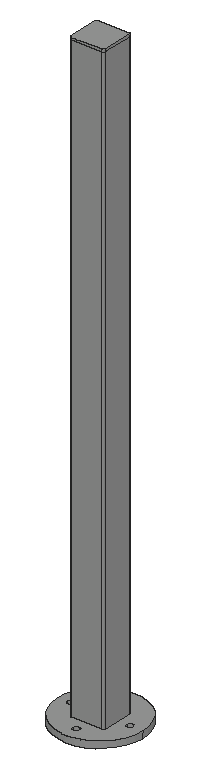
Revit family "PLAYSAFE_COMPOSITE_PLANK_SEMI-PRIVATE_PANEL_POST", category Specialty Equipment, Revit 2026
Family settings
  Round Connector Dimension = Use Diameter
  Part Type = Normal
  Classification Number = 23.55.00.00
  Work Plane-Based = No
  Enable Cutting in Views = No
  Always vertical = No
  Cut with Voids When Loaded = No
  Maintain Annotation Orientation = No
  Shared = No
  Room Calculation Point = No
Parameters (values of type "Assembly")
  Warranty URL = "https://palmshieldlouvers.com/wp-content/uploads/2020/01/PalmSHIELD-Warranty-NO-SIGN-LINE.pdf"
  Version = "2020 - v1.0a"  # constant formula
  URL = "https://palmshieldlouvers.com/"
  Product Page URL = "https://palmshieldlouvers.com/products/playsafe-semi-private/"
  Product Documentation Link = "https://palmshieldlouvers.com/wp-content/uploads/2022/05/PalmSHIELD-PlaySAFE-Semi-Private-Aluminum-Architectural-Screening-Specifications.doc"
  Model = "Playsafe Semi Private - Aluminum"  # constant formula
  Material = Metal - PalmSHIELD - Dusty Grey
  Manufacturer Phone Number = "531-329-4406 "  # constant formula
  Manufacturer Email = "mailto: info@palmshieldlouvers.com"
  Manufacturer Address = "12330 Cary Circle, La Vista, NE 68128"  # constant formula
  Manufacturer = "PalmSHIELD"  # constant formula
  Keynote = "05 10 00"
  Instruction Sheet Link = "https://palmshieldlouvers.com/wp-content/uploads/2020/01/PalmSHIELD-Post-Panel-Gate-Installation-Instructions-REV-1.pdf"
  ID [instance] = "Not Assigned"
  Height [instance] = if(Desired Overall Height < C Min Height, C Min Height, if(Desired Overall Height > C Max Height, C Max Height, Desired Overall Height))  # 6' - 0"
  Desired Overall Height [instance] = 6' - 0"
  Description = "Playsafe Semi Private - Aluminum - Square Post"  # constant formula
  Default Elevation = 0' - 0"
  Copyright = "Copyright ©2024 The American Fence Company and PalmSHIELD. All Rights Reserved."  # constant formula
  Component Vis [instance] = yes
  Component Name [instance] = "Playsafe Semi Private - Aluminum - Square Post"  # constant formula
  C Post Width = 0' - 4"  # constant formula
  C Min Height [instance] = 3' - 4"  # constant formula
  C Max Height [instance] = 12' - 0"  # constant formula
  Assembly Code = "F1020100"
Reference planes (in)
  plane 1 "Center (Front/Back)": y = 0
  plane 2: z = 0
  plane 3 "Center (Left/Right)": x = 0
  plane 4: z = 72
  plane 5: y = 2
  plane 6: y = -2
  plane 7: x = 2
  plane 8: x = -2
Lines and regions (in)
  reference lines
    curve 1: line (-24.29961, 0, 72) -> (24.70039, 0, 72)
Dimensions and locks (in)
  "Desired Overall Height": curve 1 to plane 2
  "Height": plane 4 to plane 2
  equal spacing: plane 8, plane 3 "Center (Left/Right)", plane 7
  equal spacing: plane 5, plane 1 "Center (Front/Back)", plane 6
  "C Post Width": plane 5 to plane 6
  "C Post Width": plane 8 to plane 7
  aligned and locked: plane 2 to level
Automatic sketch dimensions
  curve 1 to plane 8 = 1' - 10.29961"
  curve 1 to plane 7 = 1' - 10.70039"
Nested families (in)
  nested 1: "Screening-Louver-Assembly-Post-Palmshield-Playsafe-Semi_Private-Aluminum" at (0, 0, 0), Desired Overall Height <- "Desired Overall Height", ID <- "ID", Component Vis <- "Component Vis", type "Assembly"
    with Overall Height 6' - 0", ID "Not Assigned", Desired Overall Height 6' - 0", Component Vis yes, Component Name "Playsafe Semi Private - Post Assembly"
  nested 2: "Nested_Component-Round_Base_Plate-Aluminum-Palmshield-Playsafe-Semi_Private" at (0, 0, 0), type "10" x 3/4""
    with Material Metal - PalmSHIELD - Dusty Grey, ID "Not Assigned", Component Name "Playsafe Semi Private - Aluminum - Round Base Plate"
  nested 3: "Nested_Component-Square_Post-Aluminum-Palmshield-Playsafe-Semi_Private" at (0, 0, 0.75) x (0, -1, 0) z (0, 0, 1), type "4" X 4" X 1/4" SQ. TUBE"
    with Material Metal - PalmSHIELD - Dusty Grey, Length 5' - 11", ID "Not Assigned", Component Name "Playsafe Semi Private - Aluminum - Square Post"
  nested 4: "Nested_Component-Top_Cap-Aluminum-Palmshield-Playsafe-Semi_Private" at (0, 0, 71.75) x (0, -1, 0) z (0, 0, 1), type "4" x 4" x 1/8""
    with Material Metal - PalmSHIELD - Dusty Grey, ID "Not Assigned", Component Name "Playsafe Semi Private - Aluminum - Square Top Cap"
Definition of nested family "Nested_Component-Round_Base_Plate-Aluminum-Palmshield-Playsafe-Semi_Private"
  Parameters (values of type "10" x 3/4"")
    Width = if(Constraints = 1, 0' 10", 1' 2")  # 0' - 10"
    Warranty URL = "https://palmshieldlouvers.com/wp-content/uploads/2020/01/PalmSHIELD-Warranty-NO-SIGN-LINE.pdf"
    Version = "2020 - v1.0a"  # constant formula
    URL = "https://palmshieldlouvers.com/"
    Thickness = 0' - 0 3/4"  # constant formula
    Product Page URL = "https://palmshieldlouvers.com/products/playsafe-semi-private/"
    Product Documentation Link = "Contact Manufacturer for More Information"
    Model = "LED Backlit Laser Cut"  # constant formula
    Material [instance] = none
    Manufacturer Phone Number = "531-329-4406 "  # constant formula
    Manufacturer Fax Number = "Consult Manufacturer Website for More Information"  # constant formula
    Manufacturer Email = "mailto: info@palmshieldlouvers.com"
    Manufacturer Address = "12330 Cary Circle, La Vista, NE 68128"  # constant formula
    Manufacturer = "PalmSHIELD"  # constant formula
    Keynote = "05 10 00"
    Instruction Sheet Link = "https://palmshieldlouvers.com/wp-content/uploads/2020/01/PalmSHIELD-Post-Panel-Gate-Installation-Instructions-REV-1.pdf"
    ID [instance] = ""
    Hole Diameter = 0' - 0 3/4"  # constant formula
    Height = 0' - 10"  # constant formula
    Description = "Playsafe Semi Private - Round Base Plate"  # constant formula
    Default Elevation = 4' - 0"
    Copyright = "Copyright ©2024 The American Fence Company and PalmSHIELD. All Rights Reserved."  # constant formula
    Constraints = 1
    Component Name [instance] = "Playsafe Semi Private - Aluminum - Round Base Plate"  # constant formula
    C Hole Offset = 0' - 1 1/2"  # constant formula
    Assembly Code = "F1020100"
  Reference planes (in)
    plane 1 "Center (Front/Back)": y = 0
    plane 2: z = 0
    plane 3 "Center (Left/Right)": x = 0
    plane 4: y = 5
    plane 5: x = 5
    plane 6: y = -5
    plane 7: x = -5
    plane 8: z = 0.75
  Forms (in)
    Extrusion 1, solid
      sketch origin (0, 0, 0) x (1, 0, 0) y (0, 1, 0)
        loop
          line (-48, 48) -> (-48, -48) -> (48, -48) -> (48, 48) -> (-48, 48)
      from 0 to -12
    Extrusion 2, solid, material <- "Material"
      sketch origin (0, 0, 0) x (1, 0, 0) y (0, 1, 0)
        loop
          circle (0, 0) r 5
        loop
          circle (0, 3.5) r 0.375
        loop
          circle (0, -3.5) r 0.375
        loop
          circle (3.5, 0) r 0.375
        loop
          circle (-3.5, 0) r 0.375
      from 0 to 0.75
  Dimensions and locks (in)
    equal spacing: plane 7, plane 3 "Center (Left/Right)", plane 5
    equal spacing: plane 4, plane 1 "Center (Front/Back)", plane 6
    "Width": plane 7 to plane 5
    "Height": plane 4 to plane 6
    "Thickness": plane 8 to plane 2
    "C Hole Offset": plane 4 to Extrusion 2 sketch curve
    "C Hole Offset": plane 7 to Extrusion 2 sketch curve
    "C Hole Offset": Extrusion 2 sketch curve to plane 5
    "C Hole Offset": plane 6 to Extrusion 2 sketch curve
    "Hole Diameter": diameter of Extrusion 2 sketch curve  (x4)
    aligned and locked: plane 2 to Extrusion 1
    aligned and locked: level to Extrusion 1
    aligned and locked: plane 8 to Extrusion 2
    aligned and locked: plane 3 "Center (Left/Right)" to Extrusion 2 sketch curve
  Automatic sketch dimensions
    Extrusion 1 sketch curve to Extrusion 1 sketch curve = 8' - 0"  (x2)
    Extrusion 2 sketch curve to plane 3 "Center (Left/Right)" = 0' - 0"  (x2)
    plane 1 "Center (Front/Back)" to Extrusion 2 sketch curve = 0' - 0"  (x3)
    radius of Extrusion 2 sketch curve = 0' - 5"
Definition of nested family "Nested_Component-Square_Post-Aluminum-Palmshield-Playsafe-Semi_Private"
  Parameters (values of type "4" X 4" X 1/4" SQ. TUBE")
    Width = 0' - 4"  # constant formula
    Warranty URL = "https://palmshieldlouvers.com/wp-content/uploads/2020/01/PalmSHIELD-Warranty-NO-SIGN-LINE.pdf"
    Version = "2020 - v1.0a"  # constant formula
    URL = "https://palmshieldlouvers.com/"
    Thickness = 0' - 0 1/4"  # constant formula
    Product Page URL = "https://palmshieldlouvers.com/products/playsafe-semi-private/"
    Product Documentation Link = "Contact Manufacturer for More Information"
    Model = "Playsafe Semi Private"  # constant formula
    Material [instance] = none
    Manufacturer Phone Number = "531-329-4406 "  # constant formula
    Manufacturer Fax Number = "Consult Manufacturer Website for More Information"  # constant formula
    Manufacturer Email = "mailto: info@palmshieldlouvers.com"
    Manufacturer Address = "12330 Cary Circle, La Vista, NE 68128"  # constant formula
    Manufacturer = "PalmSHIELD"  # constant formula
    Length [instance] = 4' - 4.86713"
    Keynote = "05 10 00"
    Instruction Sheet Link = "https://palmshieldlouvers.com/wp-content/uploads/2020/01/PalmSHIELD-Post-Panel-Gate-Installation-Instructions-REV-1.pdf"
    ID [instance] = ""
    Description = "Playsafe Semi Private - Aluminum - Square Post"  # constant formula
    Default Elevation = 4' - 0"
    Copyright = "Copyright ©2024 The American Fence Company and PalmSHIELD. All Rights Reserved."  # constant formula
    Component Name [instance] = "Playsafe Semi Private - Aluminum - Square Post"  # constant formula
    Assembly Code = "F1020100"
  Types (2): name | Product Page URL | Product Documentation Link
    4" X 4" X 1/4" SQ. TUBE | "https://palmshieldlouvers.com/products/playsafe-semi-private/" | "Contact Manufacturer for More Information"
    4" X 4" X 1/8" SQ. TUBE | "https://palmshieldlouvers.com/products/laser-cut-led-backlit-panels/" | "https://palmshieldlouvers.com/wp-content/uploads/2022/03/PalmSHIELD-Laser-Cut-LED-Back-lighed-Screen-Specifications.doc"
  Reference planes (in)
    plane 1 "Center (Front/Back)": y = 0
    plane 2: z = 0
    plane 3 "Center (Left/Right)": x = 0
    plane 4: z = 52.86713
    plane 5: x = 2
    plane 6: x = -2
  Forms (in)
    Extrusion 1, solid
      sketch origin (0, 0, 0) x (1, 0, 0) y (0, 1, 0)
        loop
          line (-48, 48) -> (-48, -48) -> (48, -48) -> (48, 48) -> (-48, 48)
      from 0 to -12
    Sweep 2, solid, material <- "Material"
      path origin (0, 0, 0) x (0, 1, 0) y (0, 0, 1)
        loop
          line (0, 0) -> (0, 52.86713)
      profile "Profile-Palmshield-Square : 4" X 4" X 1/4" SQ. TUBE" origin (0, 0, 26.43357) x (0, -1, 0) y (1, 0, 0)
        loop
          line (1.75, 1.75) -> (-1.75, 1.75) -> (-1.75, -1.75) -> (1.75, -1.75) -> (1.75, 1.75)
        loop
          arc (-2, -1.75) -> (-1.92678, -1.92678) -> (-1.75, -2) r 0.25
          line (-1.75, -2) -> (1.75, -2)
          arc (1.75, -2) -> (1.92678, -1.92678) -> (2, -1.75) r 0.25
          line (2, -1.75) -> (2, 1.75)
          arc (2, 1.75) -> (1.92678, 1.92678) -> (1.75, 2) r 0.25
          line (1.75, 2) -> (-1.75, 2)
          arc (-1.75, 2) -> (-1.92678, 1.92678) -> (-2, 1.75) r 0.25
          line (-2, 1.75) -> (-2, -1.75)
  Dimensions and locks (in)
    "Length": plane 4 to plane 2
    equal spacing: plane 5, plane 3 "Center (Left/Right)", plane 6
    "Width": plane 5 to plane 6
    aligned and locked: plane 2 to Extrusion 1
    aligned and locked: level to Extrusion 1
    aligned and locked: plane 1 "Center (Front/Back)" to Sweep 2 sketch curve
    aligned and locked: plane 4 to Sweep 2 sketch curve
  Automatic sketch dimensions
    Extrusion 1 sketch curve to Extrusion 1 sketch curve = 8' - 0"  (x2)
    Sweep 2 sketch curve to level = 0' - 0"
Definition of nested family "Nested_Component-Top_Cap-Aluminum-Palmshield-Playsafe-Semi_Private"
  Parameters (values of type "3 3/4" x 3 3/4" x 1/8"")
    Width = 0' - 4"  # constant formula
    Warranty URL = "https://palmshieldlouvers.com/wp-content/uploads/2020/01/PalmSHIELD-Warranty-NO-SIGN-LINE.pdf"
    Version = "2020 - v1.0a"  # constant formula
    URL = "https://palmshieldlouvers.com/"
    Thickness = 0' - 0 1/4"  # constant formula
    Product Page URL = "https://palmshieldlouvers.com/products/playsafe-semi-private/"
    Product Documentation Link = "Contact Manufacturer for More Information"
    Model = "Playsafe Semi Private"  # constant formula
    Material [instance] = none
    Manufacturer Phone Number = "531-329-4406 "  # constant formula
    Manufacturer Fax Number = "Consult Manufacturer Website for More Information"  # constant formula
    Manufacturer Email = "mailto: info@palmshieldlouvers.com"
    Manufacturer Address = "12330 Cary Circle, La Vista, NE 68128"  # constant formula
    Manufacturer = "PalmSHIELD"  # constant formula
    Keynote = "05 10 00"
    Instruction Sheet Link = "https://palmshieldlouvers.com/wp-content/uploads/2020/01/PalmSHIELD-Post-Panel-Gate-Installation-Instructions-REV-1.pdf"
    ID [instance] = ""
    Description = "Playsafe Semi Private - Top Cap"  # constant formula
    Default Elevation = 4' - 0"
    Copyright = "Copyright ©2024 The American Fence Company and PalmSHIELD. All Rights Reserved."  # constant formula
    Component Name [instance] = "Playsafe Semi Private - Aluminum - Square Top Cap"  # constant formula
    Assembly Code = "F1020100"
  Reference planes (in)
    plane 1 "Center (Front/Back)": y = 0
    plane 2: z = 0
    plane 3 "Center (Left/Right)": x = 0
    plane 4: y = 2
    plane 5: x = 2
    plane 6: y = -2
    plane 7: x = -2
    plane 8: z = 0.25
  Forms (in)
    Extrusion 1, solid
      sketch origin (0, 0, 0) x (1, 0, 0) y (0, 1, 0)
        loop
          line (-48, 48) -> (-48, -48) -> (48, -48) -> (48, 48) -> (-48, 48)
      from 0 to -12
    Extrusion 2, solid, material <- "Material"
      sketch origin (0, 0, 0) x (1, 0, 0) y (0, 1, 0)
        loop
          arc (-1.75, 2) -> (-1.92678, 1.92678) -> (-2, 1.75) r 0.25
          line (-2, 1.75) -> (-2, -1.75)
          arc (-2, -1.75) -> (-1.92678, -1.92678) -> (-1.75, -2) r 0.25
          line (-1.75, -2) -> (1.75, -2)
          arc (1.75, -2) -> (1.92678, -1.92678) -> (2, -1.75) r 0.25
          line (2, -1.75) -> (2, 1.75)
          arc (2, 1.75) -> (1.92678, 1.92678) -> (1.75, 2) r 0.25
          line (1.75, 2) -> (-1.75, 2)
      from 0 to 0.25
  Dimensions and locks (in)
    equal spacing: plane 7, plane 3 "Center (Left/Right)", plane 5
    equal spacing: plane 4, plane 1 "Center (Front/Back)", plane 6
    "Width": plane 7 to plane 5
    "Width": plane 4 to plane 6
    "Thickness": plane 8 to plane 2
    aligned and locked: plane 2 to Extrusion 1
    aligned and locked: level to Extrusion 1
    aligned and locked: Extrusion 2 sketch curve to plane 4
    aligned and locked: plane 7 to Extrusion 2 sketch curve
    aligned and locked: Extrusion 2 sketch curve to plane 6
    aligned and locked: Extrusion 2 sketch curve to plane 5
    aligned and locked: plane 8 to Extrusion 2
  Automatic sketch dimensions
    Extrusion 1 sketch curve to Extrusion 1 sketch curve = 8' - 0"  (x2)
    Extrusion 2 sketch curve to plane 6 = 0' - 0 1/4"
    Extrusion 2 sketch curve to plane 4 = 0' - 0 1/4"  (x2)
    Extrusion 2 sketch curve to Extrusion 2 sketch curve = 0' - 0 1/4"
Definition of nested family "Screening-Louver-Assembly-Post-Palmshield-Playsafe-Semi_Private-Aluminum"
  Parameters (values of type "Assembly")
    Width = 0' - 4"  # constant formula
    Warranty URL = "https://palmshieldlouvers.com/wp-content/uploads/2020/01/PalmSHIELD-Warranty-NO-SIGN-LINE.pdf"
    Version = "2020 - v1.0a"  # constant formula
    URL = "https://palmshieldlouvers.com/"
    Top Cap Thickness = 0' - 0 1/8"  # constant formula
    Product Page URL = "https://palmshieldlouvers.com/products/louvers/"
    Product Documentation Link = "https://palmshieldlouvers.com/wp-content/uploads/2022/10/PalmSHIELD-Horizontal-Louvers-Technical-Data-Sheets-updated-100722.pdf"
    Overall Height [instance] = if(Desired Overall Height < 3' 0", 3' 0", if(Desired Overall Height > 12' 0", 12' 0", Desired Overall Height))  # 6' - 0"
    Model = "Playsafe Semi Private"  # constant formula
    Material = none
    Manufacturer Phone Number = "531-329-4406 "  # constant formula
    Manufacturer Fax Number = "Consult Manufacturer Website for More Information"  # constant formula
    Manufacturer Email = "mailto: info@palmshieldlouvers.com"
    Manufacturer Address = "12330 Cary Circle, La Vista, NE 68128"  # constant formula
    Manufacturer = "PalmSHIELD"  # constant formula
    Keynote = "05 10 00"
    Instruction Sheet Link = "https://palmshieldlouvers.com/wp-content/uploads/2020/01/PalmSHIELD-Post-Panel-Gate-Installation-Instructions-REV-1.pdf"
    ID [instance] = "Not Assigned"
    Desired Overall Height [instance] = 6' - 0"
    Description = "Playsafe Semi Private - Post Assembly"  # constant formula
    Default Elevation = 4' - 0"
    Copyright = "Copyright ©2024 The American Fence Company and PalmSHIELD. All Rights Reserved."  # constant formula
    Component Vis [instance] = yes
    Component Name [instance] = "Playsafe Semi Private - Post Assembly"  # constant formula
    Base Plate Thickness = 0' - 0 3/4"  # constant formula
    Assembly Code = "F1020100"
  Reference planes (in)
    plane 1 "Center (Front/Back)": y = 0
    plane 2: z = 0
    plane 3 "Center (Left/Right)": x = 0
    plane 4: x = 2
    plane 5: x = -2
    plane 6: z = 72
    plane 7: z = 2
    plane 8: z = 71.75
  Forms (in)
    Extrusion 1, solid
      sketch origin (0, 0, 0) x (1, 0, 0) y (0, 1, 0)
        loop
          line (-48, 48) -> (-48, -48) -> (48, -48) -> (48, 48) -> (-48, 48)
      from 0 to -12
  Lines and regions (in)
    reference lines
      curve 1: line (-64.16684, 0, 72) -> (79.83316, 0, 72)
  Dimensions and locks (in)
    equal spacing: plane 4, plane 3 "Center (Left/Right)", plane 5
    "Width": plane 4 to plane 5
    plane 7 to plane 2 = 0' - 2"
    locked: plane 6 to plane 8 at 0.25
    "Desired Overall Height": curve 1 to plane 2
    "Overall Height": plane 6 to plane 2
    aligned and locked: plane 2 to Extrusion 1
    aligned and locked: level to Extrusion 1
    aligned and locked: plane 1 "Center (Front/Back)" to nested 1
    aligned and locked: plane 3 "Center (Left/Right)" to nested 1
    aligned and locked: plane 1 "Center (Front/Back)" to nested 2
    aligned and locked: plane 1 "Center (Front/Back)" to nested 3
    aligned and locked: nested 2 to plane 8
  Automatic sketch dimensions
    Extrusion 1 sketch curve to Extrusion 1 sketch curve = 8' - 0"  (x2)
    curve 1 to plane 5 = 5' - 2.16684"
    plane 4 to curve 1 = 6' - 5.83316"
  Nested families (in)
    nested 1: "Nested_Component-Round_Base_Plate-Aluminum-Palmshield-Playsafe-Semi_Private" at (0, 0, 0), ID <- "ID", Material <- "Material", visible <- "Component Vis", type "10" x 3/4""
      with Material none, ID "Not Assigned", Component Name "Playsafe Semi Private - Aluminum - Round Base Plate"
    nested 2: "Nested_Component-Square_Post-Aluminum-Palmshield-Playsafe-Semi_Private" at (0, 0, 0.75) x (0, -1, 0) z (0, 0, 1), ID <- "ID", Material <- "Material", visible <- "Component Vis", type "4" X 4" X 1/4" SQ. TUBE"
      with Material none, Length 5' - 11", ID "Not Assigned", Component Name "Playsafe Semi Private - Aluminum - Square Post"
    nested 3: "Nested_Component-Top_Cap-Aluminum-Palmshield-Playsafe-Semi_Private" at (0, 0, 71.75) x (0, -1, 0) z (0, 0, 1), ID <- "ID", Material <- "Material", visible <- "Component Vis", type "4" x 4" x 1/8""
      with Material none, ID "Not Assigned", Component Name "Playsafe Semi Private - Aluminum - Square Top Cap"
  Definition of nested family "Nested_Component-Round_Base_Plate-Aluminum-Palmshield-Playsafe-Semi_Private"
    Parameters (values of type "10" x 3/4"")
      Width = if(Constraints = 1, 0' 10", 1' 2")  # 0' - 10"
      Warranty URL = "https://palmshieldlouvers.com/wp-content/uploads/2020/01/PalmSHIELD-Warranty-NO-SIGN-LINE.pdf"
      Version = "2020 - v1.0a"  # constant formula
      URL = "https://palmshieldlouvers.com/"
      Thickness = 0' - 0 3/4"  # constant formula
      Product Page URL = "https://palmshieldlouvers.com/products/playsafe-semi-private/"
      Product Documentation Link = "Contact Manufacturer for More Information"
      Model = "LED Backlit Laser Cut"  # constant formula
      Material [instance] = none
      Manufacturer Phone Number = "531-329-4406 "  # constant formula
      Manufacturer Fax Number = "Consult Manufacturer Website for More Information"  # constant formula
      Manufacturer Email = "mailto: info@palmshieldlouvers.com"
      Manufacturer Address = "12330 Cary Circle, La Vista, NE 68128"  # constant formula
      Manufacturer = "PalmSHIELD"  # constant formula
      Keynote = "05 10 00"
      Instruction Sheet Link = "https://palmshieldlouvers.com/wp-content/uploads/2020/01/PalmSHIELD-Post-Panel-Gate-Installation-Instructions-REV-1.pdf"
      ID [instance] = ""
      Hole Diameter = 0' - 0 3/4"  # constant formula
      Height = 0' - 10"  # constant formula
      Description = "Playsafe Semi Private - Round Base Plate"  # constant formula
      Default Elevation = 4' - 0"
      Copyright = "Copyright ©2024 The American Fence Company and PalmSHIELD. All Rights Reserved."  # constant formula
      Constraints = 1
      Component Name [instance] = "Playsafe Semi Private - Aluminum - Round Base Plate"  # constant formula
      C Hole Offset = 0' - 1 1/2"  # constant formula
      Assembly Code = "F1020100"
    Reference planes (in)
      plane 1 "Center (Front/Back)": y = 0
      plane 2: z = 0
      plane 3 "Center (Left/Right)": x = 0
      plane 4: y = 5
      plane 5: x = 5
      plane 6: y = -5
      plane 7: x = -5
      plane 8: z = 0.75
    Forms (in)
      Extrusion 1, solid
        sketch origin (0, 0, 0) x (1, 0, 0) y (0, 1, 0)
          loop
            line (-48, 48) -> (-48, -48) -> (48, -48) -> (48, 48) -> (-48, 48)
        from 0 to -12
      Extrusion 2, solid, material <- "Material"
        sketch origin (0, 0, 0) x (1, 0, 0) y (0, 1, 0)
          loop
            circle (0, 0) r 5
          loop
            circle (0, 3.5) r 0.375
          loop
            circle (0, -3.5) r 0.375
          loop
            circle (3.5, 0) r 0.375
          loop
            circle (-3.5, 0) r 0.375
        from 0 to 0.75
    Dimensions and locks (in)
      equal spacing: plane 7, plane 3 "Center (Left/Right)", plane 5
      equal spacing: plane 4, plane 1 "Center (Front/Back)", plane 6
      "Width": plane 7 to plane 5
      "Height": plane 4 to plane 6
      "Thickness": plane 8 to plane 2
      "C Hole Offset": plane 4 to Extrusion 2 sketch curve
      "C Hole Offset": plane 7 to Extrusion 2 sketch curve
      "C Hole Offset": Extrusion 2 sketch curve to plane 5
      "C Hole Offset": plane 6 to Extrusion 2 sketch curve
      "Hole Diameter": diameter of Extrusion 2 sketch curve  (x4)
      aligned and locked: plane 2 to Extrusion 1
      aligned and locked: level to Extrusion 1
      aligned and locked: plane 8 to Extrusion 2
      aligned and locked: plane 3 "Center (Left/Right)" to Extrusion 2 sketch curve
    Automatic sketch dimensions
      Extrusion 1 sketch curve to Extrusion 1 sketch curve = 8' - 0"  (x2)
      Extrusion 2 sketch curve to plane 3 "Center (Left/Right)" = 0' - 0"  (x2)
      plane 1 "Center (Front/Back)" to Extrusion 2 sketch curve = 0' - 0"  (x3)
      radius of Extrusion 2 sketch curve = 0' - 5"
  Definition of nested family "Nested_Component-Square_Post-Aluminum-Palmshield-Playsafe-Semi_Private"
    Parameters (values of type "4" X 4" X 1/4" SQ. TUBE")
      Width = 0' - 4"  # constant formula
      Warranty URL = "https://palmshieldlouvers.com/wp-content/uploads/2020/01/PalmSHIELD-Warranty-NO-SIGN-LINE.pdf"
      Version = "2020 - v1.0a"  # constant formula
      URL = "https://palmshieldlouvers.com/"
      Thickness = 0' - 0 1/4"  # constant formula
      Product Page URL = "https://palmshieldlouvers.com/products/playsafe-semi-private/"
      Product Documentation Link = "Contact Manufacturer for More Information"
      Model = "Playsafe Semi Private"  # constant formula
      Material [instance] = none
      Manufacturer Phone Number = "531-329-4406 "  # constant formula
      Manufacturer Fax Number = "Consult Manufacturer Website for More Information"  # constant formula
      Manufacturer Email = "mailto: info@palmshieldlouvers.com"
      Manufacturer Address = "12330 Cary Circle, La Vista, NE 68128"  # constant formula
      Manufacturer = "PalmSHIELD"  # constant formula
      Length [instance] = 4' - 4.86713"
      Keynote = "05 10 00"
      Instruction Sheet Link = "https://palmshieldlouvers.com/wp-content/uploads/2020/01/PalmSHIELD-Post-Panel-Gate-Installation-Instructions-REV-1.pdf"
      ID [instance] = ""
      Description = "Playsafe Semi Private - Aluminum - Square Post"  # constant formula
      Default Elevation = 4' - 0"
      Copyright = "Copyright ©2024 The American Fence Company and PalmSHIELD. All Rights Reserved."  # constant formula
      Component Name [instance] = "Playsafe Semi Private - Aluminum - Square Post"  # constant formula
      Assembly Code = "F1020100"
    Types (2): name | Product Page URL | Product Documentation Link
      4" X 4" X 1/4" SQ. TUBE | "https://palmshieldlouvers.com/products/playsafe-semi-private/" | "Contact Manufacturer for More Information"
      4" X 4" X 1/8" SQ. TUBE | "https://palmshieldlouvers.com/products/laser-cut-led-backlit-panels/" | "https://palmshieldlouvers.com/wp-content/uploads/2022/03/PalmSHIELD-Laser-Cut-LED-Back-lighed-Screen-Specifications.doc"
    Reference planes (in)
      plane 1 "Center (Front/Back)": y = 0
      plane 2: z = 0
      plane 3 "Center (Left/Right)": x = 0
      plane 4: z = 52.86713
      plane 5: x = 2
      plane 6: x = -2
    Forms (in)
      Extrusion 1, solid
        sketch origin (0, 0, 0) x (1, 0, 0) y (0, 1, 0)
          loop
            line (-48, 48) -> (-48, -48) -> (48, -48) -> (48, 48) -> (-48, 48)
        from 0 to -12
      Sweep 2, solid, material <- "Material"
        path origin (0, 0, 0) x (0, 1, 0) y (0, 0, 1)
          loop
            line (0, 0) -> (0, 52.86713)
        profile "Profile-Palmshield-Square : 4" X 4" X 1/4" SQ. TUBE" origin (0, 0, 26.43357) x (0, -1, 0) y (1, 0, 0)
          loop
            line (1.75, 1.75) -> (-1.75, 1.75) -> (-1.75, -1.75) -> (1.75, -1.75) -> (1.75, 1.75)
          loop
            arc (-2, -1.75) -> (-1.92678, -1.92678) -> (-1.75, -2) r 0.25
            line (-1.75, -2) -> (1.75, -2)
            arc (1.75, -2) -> (1.92678, -1.92678) -> (2, -1.75) r 0.25
            line (2, -1.75) -> (2, 1.75)
            arc (2, 1.75) -> (1.92678, 1.92678) -> (1.75, 2) r 0.25
            line (1.75, 2) -> (-1.75, 2)
            arc (-1.75, 2) -> (-1.92678, 1.92678) -> (-2, 1.75) r 0.25
            line (-2, 1.75) -> (-2, -1.75)
    Dimensions and locks (in)
      "Length": plane 4 to plane 2
      equal spacing: plane 5, plane 3 "Center (Left/Right)", plane 6
      "Width": plane 5 to plane 6
      aligned and locked: plane 2 to Extrusion 1
      aligned and locked: level to Extrusion 1
      aligned and locked: plane 1 "Center (Front/Back)" to Sweep 2 sketch curve
      aligned and locked: plane 4 to Sweep 2 sketch curve
    Automatic sketch dimensions
      Extrusion 1 sketch curve to Extrusion 1 sketch curve = 8' - 0"  (x2)
      Sweep 2 sketch curve to level = 0' - 0"
  Definition of nested family "Nested_Component-Top_Cap-Aluminum-Palmshield-Playsafe-Semi_Private"
    Parameters (values of type "3 3/4" x 3 3/4" x 1/8"")
      Width = 0' - 4"  # constant formula
      Warranty URL = "https://palmshieldlouvers.com/wp-content/uploads/2020/01/PalmSHIELD-Warranty-NO-SIGN-LINE.pdf"
      Version = "2020 - v1.0a"  # constant formula
      URL = "https://palmshieldlouvers.com/"
      Thickness = 0' - 0 1/4"  # constant formula
      Product Page URL = "https://palmshieldlouvers.com/products/playsafe-semi-private/"
      Product Documentation Link = "Contact Manufacturer for More Information"
      Model = "Playsafe Semi Private"  # constant formula
      Material [instance] = none
      Manufacturer Phone Number = "531-329-4406 "  # constant formula
      Manufacturer Fax Number = "Consult Manufacturer Website for More Information"  # constant formula
      Manufacturer Email = "mailto: info@palmshieldlouvers.com"
      Manufacturer Address = "12330 Cary Circle, La Vista, NE 68128"  # constant formula
      Manufacturer = "PalmSHIELD"  # constant formula
      Keynote = "05 10 00"
      Instruction Sheet Link = "https://palmshieldlouvers.com/wp-content/uploads/2020/01/PalmSHIELD-Post-Panel-Gate-Installation-Instructions-REV-1.pdf"
      ID [instance] = ""
      Description = "Playsafe Semi Private - Top Cap"  # constant formula
      Default Elevation = 4' - 0"
      Copyright = "Copyright ©2024 The American Fence Company and PalmSHIELD. All Rights Reserved."  # constant formula
      Component Name [instance] = "Playsafe Semi Private - Aluminum - Square Top Cap"  # constant formula
      Assembly Code = "F1020100"
    Reference planes (in)
      plane 1 "Center (Front/Back)": y = 0
      plane 2: z = 0
      plane 3 "Center (Left/Right)": x = 0
      plane 4: y = 2
      plane 5: x = 2
      plane 6: y = -2
      plane 7: x = -2
      plane 8: z = 0.25
    Forms (in)
      Extrusion 1, solid
        sketch origin (0, 0, 0) x (1, 0, 0) y (0, 1, 0)
          loop
            line (-48, 48) -> (-48, -48) -> (48, -48) -> (48, 48) -> (-48, 48)
        from 0 to -12
      Extrusion 2, solid, material <- "Material"
        sketch origin (0, 0, 0) x (1, 0, 0) y (0, 1, 0)
          loop
            arc (-1.75, 2) -> (-1.92678, 1.92678) -> (-2, 1.75) r 0.25
            line (-2, 1.75) -> (-2, -1.75)
            arc (-2, -1.75) -> (-1.92678, -1.92678) -> (-1.75, -2) r 0.25
            line (-1.75, -2) -> (1.75, -2)
            arc (1.75, -2) -> (1.92678, -1.92678) -> (2, -1.75) r 0.25
            line (2, -1.75) -> (2, 1.75)
            arc (2, 1.75) -> (1.92678, 1.92678) -> (1.75, 2) r 0.25
            line (1.75, 2) -> (-1.75, 2)
        from 0 to 0.25
    Dimensions and locks (in)
      equal spacing: plane 7, plane 3 "Center (Left/Right)", plane 5
      equal spacing: plane 4, plane 1 "Center (Front/Back)", plane 6
      "Width": plane 7 to plane 5
      "Width": plane 4 to plane 6
      "Thickness": plane 8 to plane 2
      aligned and locked: plane 2 to Extrusion 1
      aligned and locked: level to Extrusion 1
      aligned and locked: Extrusion 2 sketch curve to plane 4
      aligned and locked: plane 7 to Extrusion 2 sketch curve
      aligned and locked: Extrusion 2 sketch curve to plane 6
      aligned and locked: Extrusion 2 sketch curve to plane 5
      aligned and locked: plane 8 to Extrusion 2
    Automatic sketch dimensions
      Extrusion 1 sketch curve to Extrusion 1 sketch curve = 8' - 0"  (x2)
      Extrusion 2 sketch curve to plane 6 = 0' - 0 1/4"
      Extrusion 2 sketch curve to plane 4 = 0' - 0 1/4"  (x2)
      Extrusion 2 sketch curve to Extrusion 2 sketch curve = 0' - 0 1/4"
